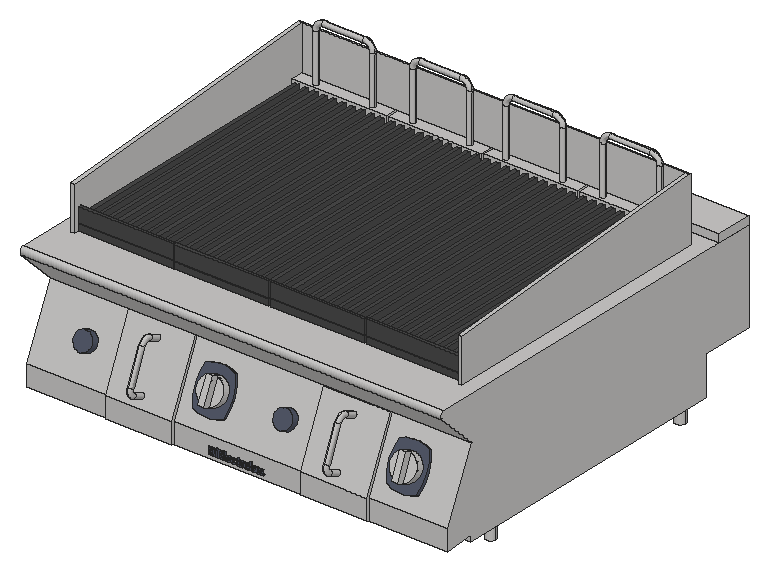
Revit family "QF_ELECTROLUXPROFESSIONAL_371440_E7JJCTAOMEI", category Attrezzature speciali, Revit 2018 (continued)
Automatic sketch dimensions
  Split face 3 sketch curve to Split face 3 sketch curve = 18.622 mm
  Split face 3 sketch curve to Split face 3 sketch curve = 2.959 mm
  Split face 3 sketch curve to Split face 3 sketch curve = 21.994 mm
  Split face 3 sketch curve to Split face 3 sketch curve = 5.035 mm
  Split face 3 sketch curve to Split face 3 sketch curve = 10.085 mm
  Split face 3 sketch curve to Split face 3 sketch curve = 5.244 mm
  Split face 4 sketch curve to Split face 4 sketch curve = 9.635 mm
  Split face 4 sketch curve to Split face 4 sketch curve = 17.821 mm
  Split face 4 sketch curve to Split face 4 sketch curve = 4.557 mm
  Split face 4 sketch curve to Split face 4 sketch curve = 14.42 mm
  Split face 4 sketch curve to Split face 4 sketch curve = 22.055 mm
  Split face 4 sketch curve to Split face 4 sketch curve = 3.318 mm
  plane 6 "TOP" to Sweep 29 sketch curve = 22.768 mm  (x2)
  plane 13 to Sweep 29 sketch curve = 20.32 mm  (x2)
  plane 13 to Sweep 29 sketch curve = 5.08 mm
  plane 7 "Center Y" to Sweep 29 sketch curve = 142.614 mm
  plane 7 "Center Y" to Sweep 29 sketch curve = 49.931 mm
  Sweep 29 sketch curve to profile plane = 0 mm
  profile plane to Sweep 29 sketch curve = 0 mm
  plane 3 "LEFT" to curve 62 = 36.625 mm
  plane 11 to curve 62 = 34.08 mm
  curve 62 to curve 62 = 180.112 mm
  plane 5 "FRONT" to curve 2 = 0 mm
  plane 5 "FRONT" to curve 38 = 0 mm
  plane 5 "FRONT" to curve 36 = 0 mm
  plane 5 "FRONT" to curve 23 = 0 mm
  plane 5 "FRONT" to curve 21 = 0 mm
  plane 4 "RIGHT" to curve 2 = 150.019 mm
  curve 47 to plane 4 "RIGHT" = 36.625 mm
  curve 64 to curve 47 = 0 mm
  curve 51 to plane 12 = 33.438 mm
  curve 51 to plane 4 "RIGHT" = 72.974 mm
  curve 38 to plane 4 "RIGHT" = 151.15 mm
  curve 52 to plane 12 = 24.294 mm
  curve 52 to curve 52 = 107.923 mm
  plane 11 to curve 64 = 34.08 mm
  curve 38 to curve 64 = 65.587 mm
  curve 47 to curve 64 = 0 mm
  curve 47 to curve 48 = 3.2 mm
  curve 64 to curve 65 = 3.2 mm
  curve 57 to plane 12 = 24.294 mm
  curve 52 to curve 57 = 76.54 mm
  curve 37 to curve 37 = 127 mm
  plane 7 "Center Y" to curve 55 = 34.691 mm
  plane 7 "Center Y" to curve 65 = 1.6 mm
  plane 7 "Center Y" to curve 48 = 1.6 mm
  curve 63 to plane 7 "Center Y" = 1.6 mm
  curve 49 to plane 7 "Center Y" = 1.6 mm
  curve 46 to plane 7 "Center Y" = 34.691 mm
  curve 23 to plane 7 "Center Y" = 121.9 mm
  curve 44 to plane 12 = 24.294 mm
  curve 44 to curve 44 = 107.923 mm
  plane 11 to curve 63 = 34.08 mm
  curve 23 to curve 63 = 58.212 mm
  curve 49 to curve 63 = 0 mm
  curve 49 to curve 50 = 3.2 mm
  curve 42 to plane 12 = 28.866 mm
  curve 45 to curve 42 = 76.54 mm
  curve 22 to curve 22 = 127 mm
  plane 3 "LEFT" to curve 41 = 72.974 mm
  plane 3 "LEFT" to curve 50 = 36.625 mm
  curve 1 to plane 3 "LEFT" = 150.019 mm
  curve 1 to plane 1 "BACK" = 150.019 mm
  curve 58 to curve 56 = 9.144 mm
  curve 46 to curve 46 = 9.144 mm
  curve 42 to curve 42 = 4.572 mm
  curve 65 to curve 64 = 0 mm
  curve 64 to curve 47 = 5 mm
  curve 48 to curve 47 = 0 mm
  curve 63 to curve 49 = 5 mm
  plane 11 to curve 50 = 39.08 mm
  curve 21 to curve 22 = 642.938 mm
  curve 22 to curve 36 = 0 mm
  plane 11 to Extrusion 2 sketch curve = 0 mm  (x2)
  plane 12 to Extrusion 2 sketch curve = 0 mm  (x2)
  plane 3 "LEFT" to Extrusion 2 sketch curve = 11.112 mm  (x2)
  Extrusion 2 sketch curve to plane 4 "RIGHT" = 11.113 mm  (x2)
  Extrusion 1 to Extrusion 3 sketch curve = 33.906 mm
  plane 5 "FRONT" to Extrusion 4 sketch curve = 0 mm  (x2)
  plane 1 "BACK" to Extrusion 4 sketch curve = 0 mm
  Extrusion 4 sketch curve to plane 3 "LEFT" = 0 mm
  Extrusion 4 sketch curve to plane 4 "RIGHT" = 0 mm
  Extrusion 4 sketch curve to plane 3 "LEFT" = 150.019 mm
  plane 4 "RIGHT" to Extrusion 4 sketch curve = 150.019 mm
  Extrusion 4 sketch curve to plane 1 "BACK" = 150.019 mm
  Extrusion 1 to Extrusion 5 sketch curve = 36.625 mm  (x2)
  Extrusion 1 to Extrusion 5 sketch curve = 130.285 mm  (x2)
  Extrusion 5 sketch curve to Extrusion 5 sketch curve = 0 mm  (x4)
  Extrusion 1 to Extrusion 5 sketch curve = 85.872 mm  (x2)
  Extrusion 5 sketch curve to Extrusion 5 sketch curve = 180.113 mm
  Extrusion 5 sketch curve to Extrusion 5 sketch curve = 3.2 mm  (x3)
  Extrusion 5 sketch curve to Extrusion 5 sketch curve = 178.512 mm  (x2)
  Extrusion 1 to Extrusion 6 sketch curve = 107.795 mm  (x2)
  Extrusion 1 to Extrusion 6 sketch curve = 36.625 mm  (x2)
  Extrusion 6 sketch curve to Extrusion 6 sketch curve = 0 mm  (x4)
  Extrusion 6 sketch curve to Extrusion 6 sketch curve = 22.49 mm  (x2)
  Extrusion 6 sketch curve to Extrusion 6 sketch curve = 180.112 mm
  Extrusion 6 sketch curve to Extrusion 6 sketch curve = 3.2 mm  (x3)
  Extrusion 6 sketch curve to Extrusion 6 sketch curve = 178.513 mm  (x2)
  plane 1 "BACK" to curve 61 = 0 mm
  curve 61 to plane 4 "RIGHT" = 0 mm
  curve 11 to plane 3 "LEFT" = 0 mm
  plane 5 "FRONT" to curve 3 = 0 mm
  plane 5 "FRONT" to curve 16 = 0 mm
  curve 14 to plane 4 "RIGHT" = 28.675 mm
  curve 14 to curve 15 = 6.35 mm
  curve 9 to curve 32 = 1.6 mm
  curve 4 to plane 4 "RIGHT" = 107.856 mm
  curve 33 to plane 12 = 39.843 mm
  curve 32 to curve 33 = 180.112 mm
  curve 32 to curve 31 = 3.2 mm
  plane 7 "Center Y" to curve 29 = 1.6 mm
  curve 26 to plane 7 "Center Y" = 1.6 mm
  plane 11 to curve 25 = 39.08 mm
  curve 27 to curve 25 = 178.513 mm
  curve 26 to curve 19 = 3.2 mm
  curve 19 to plane 12 = 17.353 mm
  plane 3 "LEFT" to curve 19 = 36.625 mm
  curve 17 to curve 7 = 1.6 mm
  curve 7 to curve 12 = 6.35 mm
  curve 4 to plane 3 "LEFT" = 150.019 mm
  curve 3 to plane 1 "BACK" = 150.019 mm
  curve 60 to curve 32 = 37.945 mm
  curve 11 to curve 60 = 0 mm
  curve 12 to curve 19 = 31.75 mm
  curve 9 to curve 32 = 2.91 mm
  curve 28 to curve 32 = 0 mm
  curve 27 to curve 28 = 0 mm
  curve 7 to curve 17 = 2.91 mm
  curve 30 to plane 12 = 17.353 mm
  curve 26 to curve 30 = 0 mm
  curve 34 to plane 12 = 17.353 mm
  plane 11 to curve 27 = 39.08 mm
  curve 27 to curve 29 = 0 mm
  curve 20 to curve 25 = 0 mm
  plane 11 to curve 18 = 39.08 mm
  plane 11 to curve 33 = 39.08 mm
  curve 31 to curve 33 = 0 mm
  plane 11 to curve 35 = 39.08 mm
  curve 18 to curve 8 = 7.92 mm
  curve 35 to curve 15 = 7.92 mm
  Extrusion 7 sketch curve to Extrusion 1 = 66.089 mm
  Extrusion 1 to Extrusion 7 sketch curve = 326.67 mm
  Extrusion 13 sketch curve to Extrusion 1 = 66.089 mm
  Extrusion 1 to Extrusion 13 sketch curve = 93.23 mm
  Extrusion 24 sketch curve to plane 4 "RIGHT" = 95.143 mm
  Extrusion 25 sketch curve to Extrusion 25 sketch curve = 24.732 mm
  Extrusion 25 sketch curve to Extrusion 25 sketch curve = 0 mm
  Extrusion 27 sketch curve to plane 4 "RIGHT" = 125.004 mm
  Extrusion 27 sketch curve to Extrusion 27 sketch curve = 0 mm
  Extrusion 27 sketch curve to Extrusion 27 sketch curve = 12.3 mm  (x3)
  Extrusion 27 sketch curve to Extrusion 27 sketch curve = 34.925 mm  (x2)
  Extrusion 27 sketch curve to Extrusion 27 sketch curve = 46.691 mm
  Extrusion 27 sketch curve to Extrusion 27 sketch curve = 0.617 mm
  Extrusion 27 sketch curve to Extrusion 27 sketch curve = 28.57 mm
  Extrusion 27 sketch curve to Extrusion 27 sketch curve = 29.185 mm
  plane 6 "TOP" to Sweep 28 sketch curve = 22.768 mm  (x2)
  plane 13 to Sweep 28 sketch curve = 20.32 mm  (x2)
  plane 13 to Sweep 28 sketch curve = 5.08 mm
  Sweep 28 sketch curve to plane 4 "RIGHT" = 73.124 mm
  Sweep 28 sketch curve to Sweep 28 sketch curve = 77.443 mm
  Sweep 28 sketch curve to profile plane = 0 mm
  profile plane to Sweep 28 sketch curve = 0 mm
  Extrusion 30 sketch curve to Extrusion 1 = 0 mm  (x3)
  Extrusion 1 to Extrusion 30 sketch curve = 69.85 mm
  radius of Sweep 9 sketch curve = 4.572 mm
  radius of Sweep 11 sketch curve = 4.572 mm
  radius of Sweep 12 sketch curve = 4.572 mm
  radius of Sweep 15 sketch curve = 4.572 mm
  radius of Extrusion 22 sketch curve = 25.4 mm
  radius of Extrusion 23 sketch curve to Extrusion 22 = 0 mm  (x2)
  radius of Sweep 29 sketch curve = 4.572 mm
  radius of Extrusion 2 sketch curve = 9.525 mm  (x4)
  radius of Extrusion 3 sketch curve = 6.35 mm
  radius of Extrusion 7 sketch curve = 17.8 mm
  radius of Extrusion 13 sketch curve = 17.8 mm
  radius of Extrusion 24 sketch curve = 25.4 mm
  radius of Extrusion 25 sketch curve to Extrusion 24 = 0 mm  (x2)
  radius of Sweep 28 sketch curve = 4.572 mm
Nested families
  nested 1: "371043_QF_Electrolux_GRILL" at (39.571, -130.285, 287.338), type "371043_QF_Electrolux_GRILL"
    with Type Mark "", Specification by User "", Revision Code "", Item Number "", Installed By "", Identify Quantity as Lot yes, Furnished By "", Foodservice Equipment Identifier yes
  nested 2: "371043_QF_Electrolux_GRILL" at (200.649, -130.285, 287.338), type "371043_QF_Electrolux_GRILL"
    with Type Mark "", Specification by User "", Revision Code "", Item Number "", Installed By "", Identify Quantity as Lot yes, Furnished By "", Foodservice Equipment Identifier yes
  nested 3: "371043_QF_Electrolux_GRILL" at (57.468, -130.285, 287.338), type "371043_QF_Electrolux_GRILL"
    with Type Mark "", Specification by User "", Revision Code "", Item Number "", Installed By "", Identify Quantity as Lot yes, Furnished By "", Foodservice Equipment Identifier yes
  nested 4: "371043_QF_Electrolux_GRILL" at (75.366, -130.285, 287.338), type "371043_QF_Electrolux_GRILL"
    with Type Mark "", Specification by User "", Revision Code "", Item Number "", Installed By "", Identify Quantity as Lot yes, Furnished By "", Foodservice Equipment Identifier yes
  nested 5: "371043_QF_Electrolux_GRILL" at (93.264, -130.285, 287.338), type "371043_QF_Electrolux_GRILL"
    with Type Mark "", Specification by User "", Revision Code "", Item Number "", Installed By "", Identify Quantity as Lot yes, Furnished By "", Foodservice Equipment Identifier yes
  nested 6: "371043_QF_Electrolux_GRILL" at (111.161, -130.285, 287.338), type "371043_QF_Electrolux_GRILL"
    with Type Mark "", Specification by User "", Revision Code "", Item Number "", Installed By "", Identify Quantity as Lot yes, Furnished By "", Foodservice Equipment Identifier yes
  nested 7: "371043_QF_Electrolux_GRILL" at (129.059, -130.285, 287.338), type "371043_QF_Electrolux_GRILL"
    with Type Mark "", Specification by User "", Revision Code "", Item Number "", Installed By "", Identify Quantity as Lot yes, Furnished By "", Foodservice Equipment Identifier yes
  nested 8: "371043_QF_Electrolux_GRILL" at (146.957, -130.285, 287.338), type "371043_QF_Electrolux_GRILL"
    with Type Mark "", Specification by User "", Revision Code "", Item Number "", Installed By "", Identify Quantity as Lot yes, Furnished By "", Foodservice Equipment Identifier yes
  nested 9: "371043_QF_Electrolux_GRILL" at (164.854, -130.285, 287.338), type "371043_QF_Electrolux_GRILL"
    with Type Mark "", Specification by User "", Revision Code "", Item Number "", Installed By "", Identify Quantity as Lot yes, Furnished By "", Foodservice Equipment Identifier yes
  nested 10: "371043_QF_Electrolux_GRILL" at (182.752, -130.285, 287.338), type "371043_QF_Electrolux_GRILL"
    with Type Mark "", Specification by User "", Revision Code "", Item Number "", Installed By "", Identify Quantity as Lot yes, Furnished By "", Foodservice Equipment Identifier yes
  nested 11: "371043_QF_Electrolux_GRILL" at (222.083, -130.285, 287.338), type "371043_QF_Electrolux_GRILL"
    with Type Mark "", Specification by User "", Revision Code "", Item Number "", Installed By "", Identify Quantity as Lot yes, Furnished By "", Foodservice Equipment Identifier yes
  nested 12: "371043_QF_Electrolux_GRILL" at (383.162, -130.285, 287.338), type "371043_QF_Electrolux_GRILL"
    with Type Mark "", Specification by User "", Revision Code "", Item Number "", Installed By "", Identify Quantity as Lot yes, Furnished By "", Foodservice Equipment Identifier yes
  nested 13: "371043_QF_Electrolux_GRILL" at (239.981, -130.285, 287.338), type "371043_QF_Electrolux_GRILL"
    with Type Mark "", Specification by User "", Revision Code "", Item Number "", Installed By "", Identify Quantity as Lot yes, Furnished By "", Foodservice Equipment Identifier yes
  nested 14: "371043_QF_Electrolux_GRILL" at (257.878, -130.285, 287.338), type "371043_QF_Electrolux_GRILL"
    with Type Mark "", Specification by User "", Revision Code "", Item Number "", Installed By "", Identify Quantity as Lot yes, Furnished By "", Foodservice Equipment Identifier yes
  nested 15: "371043_QF_Electrolux_GRILL" at (275.776, -130.285, 287.338), type "371043_QF_Electrolux_GRILL"
    with Type Mark "", Specification by User "", Revision Code "", Item Number "", Installed By "", Identify Quantity as Lot yes, Furnished By "", Foodservice Equipment Identifier yes
  nested 16: "371043_QF_Electrolux_GRILL" at (293.674, -130.285, 287.338), type "371043_QF_Electrolux_GRILL"
    with Type Mark "", Specification by User "", Revision Code "", Item Number "", Installed By "", Identify Quantity as Lot yes, Furnished By "", Foodservice Equipment Identifier yes
  nested 17: "371043_QF_Electrolux_GRILL" at (311.571, -130.285, 287.338), type "371043_QF_Electrolux_GRILL"
    with Type Mark "", Specification by User "", Revision Code "", Item Number "", Installed By "", Identify Quantity as Lot yes, Furnished By "", Foodservice Equipment Identifier yes
  nested 18: "371043_QF_Electrolux_GRILL" at (329.469, -130.285, 287.338), type "371043_QF_Electrolux_GRILL"
    with Type Mark "", Specification by User "", Revision Code "", Item Number "", Installed By "", Identify Quantity as Lot yes, Furnished By "", Foodservice Equipment Identifier yes
  nested 19: "371043_QF_Electrolux_GRILL" at (347.367, -130.285, 287.338), type "371043_QF_Electrolux_GRILL"
    with Type Mark "", Specification by User "", Revision Code "", Item Number "", Installed By "", Identify Quantity as Lot yes, Furnished By "", Foodservice Equipment Identifier yes
  nested 20: "371043_QF_Electrolux_GRILL" at (365.264, -130.285, 287.338), type "371043_QF_Electrolux_GRILL"
    with Type Mark "", Specification by User "", Revision Code "", Item Number "", Installed By "", Identify Quantity as Lot yes, Furnished By "", Foodservice Equipment Identifier yes
  nested 21: "371043_QF_Electrolux_GRILL" at (403.796, -130.285, 287.338), type "371043_QF_Electrolux_GRILL"
    with Type Mark "", Specification by User "", Revision Code "", Item Number "", Installed By "", Identify Quantity as Lot yes, Furnished By "", Foodservice Equipment Identifier yes
  nested 22: "371043_QF_Electrolux_GRILL" at (564.874, -130.285, 287.338), type "371043_QF_Electrolux_GRILL"
    with Type Mark "", Specification by User "", Revision Code "", Item Number "", Installed By "", Identify Quantity as Lot yes, Furnished By "", Foodservice Equipment Identifier yes
  nested 23: "371043_QF_Electrolux_GRILL" at (421.693, -130.285, 287.338), type "371043_QF_Electrolux_GRILL"
    with Type Mark "", Specification by User "", Revision Code "", Item Number "", Installed By "", Identify Quantity as Lot yes, Furnished By "", Foodservice Equipment Identifier yes
  nested 24: "371043_QF_Electrolux_GRILL" at (439.591, -130.285, 287.338), type "371043_QF_Electrolux_GRILL"
    with Type Mark "", Specification by User "", Revision Code "", Item Number "", Installed By "", Identify Quantity as Lot yes, Furnished By "", Foodservice Equipment Identifier yes
  nested 25: "371043_QF_Electrolux_GRILL" at (457.489, -130.285, 287.338), type "371043_QF_Electrolux_GRILL"
    with Type Mark "", Specification by User "", Revision Code "", Item Number "", Installed By "", Identify Quantity as Lot yes, Furnished By "", Foodservice Equipment Identifier yes
  nested 26: "371043_QF_Electrolux_GRILL" at (475.386, -130.285, 287.338), type "371043_QF_Electrolux_GRILL"
    with Type Mark "", Specification by User "", Revision Code "", Item Number "", Installed By "", Identify Quantity as Lot yes, Furnished By "", Foodservice Equipment Identifier yes
  nested 27: "371043_QF_Electrolux_GRILL" at (493.284, -130.285, 287.338), type "371043_QF_Electrolux_GRILL"
    with Type Mark "", Specification by User "", Revision Code "", Item Number "", Installed By "", Identify Quantity as Lot yes, Furnished By "", Foodservice Equipment Identifier yes
  nested 28: "371043_QF_Electrolux_GRILL" at (511.182, -130.285, 287.338), type "371043_QF_Electrolux_GRILL"
    with Type Mark "", Specification by User "", Revision Code "", Item Number "", Installed By "", Identify Quantity as Lot yes, Furnished By "", Foodservice Equipment Identifier yes
  nested 29: "371043_QF_Electrolux_GRILL" at (529.079, -130.285, 287.338), type "371043_QF_Electrolux_GRILL"
    with Type Mark "", Specification by User "", Revision Code "", Item Number "", Installed By "", Identify Quantity as Lot yes, Furnished By "", Foodservice Equipment Identifier yes
  nested 30: "371043_QF_Electrolux_GRILL" at (546.977, -130.285, 287.338), type "371043_QF_Electrolux_GRILL"
    with Type Mark "", Specification by User "", Revision Code "", Item Number "", Installed By "", Identify Quantity as Lot yes, Furnished By "", Foodservice Equipment Identifier yes
  nested 31: "371043_QF_Electrolux_GRILL" at (586.308, -130.285, 287.338), type "371043_QF_Electrolux_GRILL"
    with Type Mark "", Specification by User "", Revision Code "", Item Number "", Installed By "", Identify Quantity as Lot yes, Furnished By "", Foodservice Equipment Identifier yes
  nested 32: "371043_QF_Electrolux_GRILL" at (747.387, -130.285, 287.338), type "371043_QF_Electrolux_GRILL"
    with Type Mark "", Specification by User "", Revision Code "", Item Number "", Installed By "", Identify Quantity as Lot yes, Furnished By "", Foodservice Equipment Identifier yes
  nested 33: "371043_QF_Electrolux_GRILL" at (604.206, -130.285, 287.338), type "371043_QF_Electrolux_GRILL"
    with Type Mark "", Specification by User "", Revision Code "", Item Number "", Installed By "", Identify Quantity as Lot yes, Furnished By "", Foodservice Equipment Identifier yes
  nested 34: "371043_QF_Electrolux_GRILL" at (622.103, -130.285, 287.338), type "371043_QF_Electrolux_GRILL"
    with Type Mark "", Specification by User "", Revision Code "", Item Number "", Installed By "", Identify Quantity as Lot yes, Furnished By "", Foodservice Equipment Identifier yes
  nested 35: "371043_QF_Electrolux_GRILL" at (640.001, -130.285, 287.338), type "371043_QF_Electrolux_GRILL"
    with Type Mark "", Specification by User "", Revision Code "", Item Number "", Installed By "", Identify Quantity as Lot yes, Furnished By "", Foodservice Equipment Identifier yes
  nested 36: "371043_QF_Electrolux_GRILL" at (657.899, -130.285, 287.338), type "371043_QF_Electrolux_GRILL"
    with Type Mark "", Specification by User "", Revision Code "", Item Number "", Installed By "", Identify Quantity as Lot yes, Furnished By "", Foodservice Equipment Identifier yes
  nested 37: "371043_QF_Electrolux_GRILL" at (675.796, -130.285, 287.338), type "371043_QF_Electrolux_GRILL"
    with Type Mark "", Specification by User "", Revision Code "", Item Number "", Installed By "", Identify Quantity as Lot yes, Furnished By "", Foodservice Equipment Identifier yes
  nested 38: "371043_QF_Electrolux_GRILL" at (693.694, -130.285, 287.338), type "371043_QF_Electrolux_GRILL"
    with Type Mark "", Specification by User "", Revision Code "", Item Number "", Installed By "", Identify Quantity as Lot yes, Furnished By "", Foodservice Equipment Identifier yes
  nested 39: "371043_QF_Electrolux_GRILL" at (711.592, -130.285, 287.338), type "371043_QF_Electrolux_GRILL"
    with Type Mark "", Specification by User "", Revision Code "", Item Number "", Installed By "", Identify Quantity as Lot yes, Furnished By "", Foodservice Equipment Identifier yes
  nested 40: "371043_QF_Electrolux_GRILL" at (729.489, -130.285, 287.338), type "371043_QF_Electrolux_GRILL"
    with Type Mark "", Specification by User "", Revision Code "", Item Number "", Installed By "", Identify Quantity as Lot yes, Furnished By "", Foodservice Equipment Identifier yes
Connectors
  piping at (747.712, -98.425, 57.718), diameter 12.7, driven by "Gas Size"
    settings: on Extrusion 3, index 2, connector inside diameter 1/2", connector length 0 mm, flow factor 0, pipe flow 0 GPM, pressure drop 0.00 psi, fitting loss kfactor 0, connector angle 0.00°, fixture units 0, engagement length 0 mm, angle of deflection 0.00°, flow configuration 1, flow direction 1, fitting loss method 0, system type 7, joint type 0, gender type 0, connector reference index -1, connector utility 0, adjustable connector no, is connector primary yes, connector description "Gas Connection"
Definition of nested family "371043_QF_Electrolux_GRILL"
  Parameters
    Weight in Pounds = 0
    URL Cutsheet = ""
    URL = ""
    Type Mark [instance] = ""
    Specification by User [instance] = ""
    Specification by Manufacturer = ""
    Serial Number = ""
    Seismic Rating = ""
    SMACNA No = ""
    Revision Code [instance] = ""
    Omniclass Number and Title = ""
    NAFEM Spec ID Number = ""
    Model = ""
    Masterspec = ""
    Manufacturer = ""
    Item Number [instance] = ""
    Installed By [instance] = ""
    Identify Quantity as Lot [instance] = yes
    Furnished By [instance] = ""
    Foodservice Equipment Identifier [instance] = yes
    Description = ""
    CSI MasterFormat = ""
    CSI Master Format = ""
    Assembly Code = ""
  Reference planes
    plane 1 "BACK": y = 0
    plane 2: z = 0
    plane 3 "LEFT": x = 0
    plane 4 "RIGHT": x = 12.7
    plane 5 "FRONT": y = -501.68
    plane 6 "TOP": z = 19.576
    plane 7 "Center Y": x = 6.35
    plane 8 "Center X": y = -250.84
    plane 9: y = -147.637
  Forms (mm)
    Extrusion 1, solid
      sketch origin (-1.421, -501.68, -12.7) x (1, 0, 0) y (0, 0, 1)
        loop
          line (1.421, 12.7) -> (14.121, 12.7) -> (11.081, 32.276) -> (4.46, 32.276) -> (1.421, 12.7)
      from 0 to -501.68
  Lines and regions (mm)
    symbolic lines
      curve 1: line (0, 0, 0) -> (12.7, 0, 0)
      curve 2: line (0, -501.68, 0) -> (0, 0, 0)
      curve 3: line (12.7, -501.68, 0) -> (0, -501.68, 0)
      curve 4: line (12.7, 0, 0) -> (12.7, -501.68, 0)
  Dimensions and locks
    equal spacing: plane 3 "LEFT", plane 7 "Center Y", plane 4 "RIGHT"
    plane 3 "LEFT" to plane 4 "RIGHT" = 12.7 mm
    equal spacing: plane 5 "FRONT", plane 8 "Center X", plane 1 "BACK"
    plane 5 "FRONT" to plane 1 "BACK" = 501.68 mm
    plane 6 "TOP" to level = 19.576 mm
    plane 1 "BACK" to plane 5 "FRONT" = 501.68 mm
    aligned and locked: level to plane 2
  Automatic sketch dimensions
    Extrusion 1 sketch curve to level = 0 mm
    Extrusion 1 sketch curve to plane 3 "LEFT" = 0 mm
    Extrusion 1 sketch curve to plane 6 "TOP" = 0 mm
    Extrusion 1 sketch curve to plane 4 "RIGHT" = 0 mm
    plane 3 "LEFT" to Extrusion 1 sketch curve = 3.039 mm
    Extrusion 1 sketch curve to plane 4 "RIGHT" = 3.039 mm
    curve 3 to plane 3 "LEFT" = 0 mm
    curve 3 to plane 4 "RIGHT" = 0 mm
    plane 5 "FRONT" to curve 3 = 0 mm
    plane 1 "BACK" to curve 2 = 0 mm
Types (2, lengths in mm): name | URL | Modello | Produttore | Gas Size | Descrizione
  (no name) | "www.electrolux.com/foodservice" | "371043" | "ELECTROLUX" | 0" | "700XP Full Module Gas PowerGrill Top"
  Standard | "https://www.electroluxprofessional.com/" | "E7JJCTAOMEI" | "Electrolux Professional" | 1/2" | "GAS GRILL TOP HP 800MM - QMARK"
